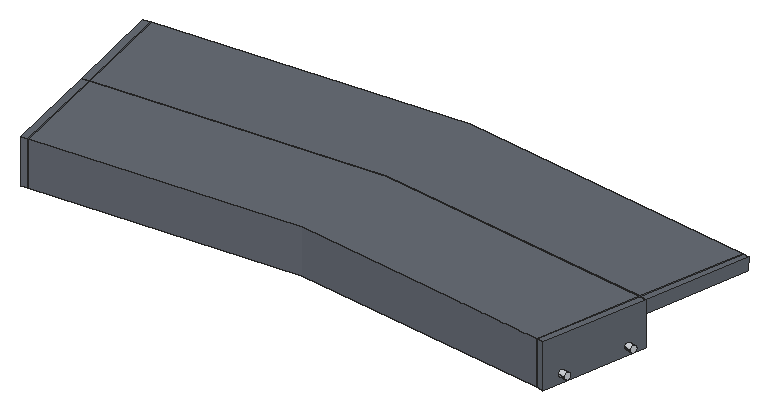
Revit family
Parameters (values of type "PL07 07 7/0")
  Width = 337.2 mm
  URL = "http://www.meinertz.com/pictures_org/prodk.pdf"
  Thermal Performance Index = 7
  Thermal Performance Constant = if(Thermal Performance Index = 3, 145, if(Thermal Performance Index = 4, 191, if(Thermal Performance Index = 5, 231, if(Thermal Performance Index = 6, 262, if(Thermal Performance Index = 7, 287, if(Thermal Performance Index = 8, 317, if(Thermal Performance Index = 9, 339, if(Thermal Performance Index = 10, 359, if(Thermal Performance Index = 11, 382, if(Thermal Performance Index = 12, 404, if(Thermal Performance Index = 13, 424, 444)))))))))))  # 287
  Thermal Performance = Thermal Performance Constant * Length / 1000 mm  # 288.7631
  Tapping Depth = if(Tap Radius = 9.5 mm / 2, 13 mm, 17 mm)  # 13 mm
  Tap Radius = 9.5 mm / 2  # 4.75 mm
  Right Tap Visible = Count Grill Main > 3  # yes
  R = ((K ^ 2) / (8 * H) + (H / 2))  # 2525 mm
  Outer Side Width = Width - Convector Width  # 169.2 mm
  Not Flip Convector Side = not(Flip Convector Side)  # no
  Model = "PL07 07 7/0"
  Manufacturer = "Meinertz"  # constant formula
  Length = 2 * 3.14 * R * Alpha / Full Circle  # 1006.143 mm
  Keynote = "PL07 07 7/0"
  K = 1000 mm
  Inner Rad = R - Actual Width  # 2176 mm
  H = 50 mm
  Grill = RAL 7024
  GoGetNo = 6946  # constant formula
  Full Circle = 360.00°  # constant formula
  Frame = RAL 7024
  Flip Convector Side = yes
  Disable Tap = and(Right Tap Visible, not(Flip Convector Side))  # no
  Disable Tap 2 = and(Right Tap Visible, (Flip Convector Side))  # yes
  Depth Outer = if(Flip Convector Side, 20 mm, 70 mm)  # 20 mm
  Depth Inside = if(Flip Convector Side, 70 mm, 20 mm)  # 70 mm
  Count Grill Total = (Width - 13 mm) / 24 mm + 0.49  # 14
  Count Grill Side = Count Grill Total - Count Grill Main  # 7
  Count Grill Main = Convector Width / 24 mm  # 7
  Convector Width = 168 mm
  Center Rad = Inner Rad + Actual Width 1  # 2344 mm
  Alpha = 2 * acos((R - H) / R)  # 22.8424°
  Actual Width 2 = if(Flip Convector Side, (Count Grill Side) * 24 mm + 13 mm, Count Grill Main * 24 mm)  # 181 mm
  Actual Width 1 = if(Flip Convector Side, Count Grill Main * 24 mm, (Count Grill Side) * 24 mm + 13 mm)  # 168 mm
  Actual Width = Actual Width 1 + Actual Width 2  # 349 mm
Types (6, lengths in mm): name | Width | Thermal Performance Index | Thermal Performance Constant | Thermal Performance | Right Tap Visible | Outer Side Width | Not Flip Convector Side | Model | Keynote | Inner Rad | Flip Convector Side | Disable Tap | Disable Tap 2 | Depth Outer | Depth Inside | Count Grill Total | Count Grill Side | Count Grill Main | Convector Width | Center Rad | Actual Width 2 | Actual Width 1 | Actual Width
  (no name) | 337.2 | 7 | 287 | 288.7631 | yes | 169.2 | no | "PL07 07 7/0" | "PL07 07 7/0" | 2176 | yes | no | yes | 20 | 70 | 14 | 7 | 7 | 168 | 2344 | 181 | 168 | 349
  PL07 07 7/0 | 337.2 | 7 | 287 | 288.7631 | yes | 169.2 | no | "PL07 07 7/0" | "PL07 07 7/0" | 2176 | yes | no | yes | 20 | 70 | 14 | 7 | 7 | 168 | 2344 | 181 | 168 | 349
  PL07 06 6/0 | 289.2 | 6 | 262 | 263.6095 | yes | 145.2 | yes | "PL07 06 6/0" | "PL07 06 6/0" | 2224 | no | yes | no | 70 | 20 | 12 | 6 | 6 | 144 | 2381 | 144 | 157 | 301
  PL07 05 5/0 | 241.2 | 5 | 231 | 232.419 | yes | 121.2 | yes | "PL07 05 5/0" | "PL07 05 5/0" | 2272 | no | yes | no | 70 | 20 | 10 | 5 | 5 | 120 | 2405 | 120 | 133 | 253
  PL07 04 5/0 | 217.2 | 4 | 191 | 192.1733 | yes | 121.2 | yes | "PL07 04 5/0" | "PL07 04 5/0" | 2296 | no | yes | no | 70 | 20 | 9 | 5 | 4 | 96 | 2429 | 96 | 133 | 229
  PL07 03 5/0 | 193.2 | 3 | 145 | 145.8907 | no | 121.2 | yes | "PL07 03 5/0" | "PL07 03 5/0" | 2320 | no | no | no | 70 | 20 | 8 | 5 | 3 | 72 | 2453 | 72 | 133 | 205
Reference planes
  plane 1 "Center (Front/Back)": y = 0
  plane 2: z = 0
  plane 3 "Center (Left/Right)": x = 0
  plane 4: y = -2475
  plane 5: y = 50
  plane 6: x = -500
  plane 7: x = 500
  plane 8: z = -20
  plane 9: z = -70
Forms (mm)
  Extrusion 1, solid, material "RAL 7024" <- "Grill"
    sketch origin (0, 0, 0) x (1, 0, 0) y (0, 1, 0)
      loop
        line (-473.878, -8.102) -> (-440.609, -172.784)
        arc (-440.609, -172.784) -> (0, -131) -> (440.609, -172.784) r 2344
        line (440.609, -172.784) -> (473.878, -8.102)
        arc (473.878, -8.102) -> (0, 37) -> (-473.878, -8.102) r 2512
    from 0 to -20
  Extrusion 2, solid, material "RAL 7024" <- "Grill"
    sketch origin (0, 0, 0) x (1, 0, 0) y (0, 1, 0)
      loop
        line (-440.609, -172.784) -> (-407.34, -337.466)
        arc (-407.34, -337.466) -> (0, -299) -> (407.34, -337.466) r 2176
        line (407.34, -337.466) -> (440.609, -172.784)
        arc (440.609, -172.784) -> (0, -131) -> (-440.609, -172.784) r 2344
    from 0 to -70
  Extrusion 3, solid, material "RAL 7024" <- "Frame"
    sketch origin (0, 0, 0) x (1, 0, 0) y (0, 1, 0)
      loop
        line (-484.677, -10.201) -> (-451.409, -174.877)
        arc (-451.409, -174.877) -> (-446.01, -173.824) -> (-440.609, -172.784) r 2344
        line (-440.609, -172.784) -> (-473.878, -8.102)
        arc (-473.878, -8.102) -> (-479.279, -9.146) -> (-484.677, -10.201) r 2512
      loop
        arc (484.677, -10.201) -> (479.279, -9.146) -> (473.878, -8.102) r 2512
        line (473.878, -8.102) -> (440.609, -172.784)
        arc (440.609, -172.784) -> (446.01, -173.824) -> (451.409, -174.877) r 2344
        line (451.409, -174.877) -> (484.677, -10.201)
    from 0 to -20
  Extrusion 4, solid, material "RAL 7024" <- "Frame"
    sketch origin (0, 0, 0) x (1, 0, 0) y (0, 1, 0)
      loop
        arc (451.409, -174.877) -> (446.01, -173.824) -> (440.609, -172.784) r 2344
        line (440.609, -172.784) -> (407.34, -337.466)
        arc (407.34, -337.466) -> (412.742, -338.503) -> (418.141, -339.553) r 2176
        line (418.141, -339.553) -> (451.409, -174.877)
      loop
        line (-451.409, -174.877) -> (-418.141, -339.553)
        arc (-418.141, -339.553) -> (-412.742, -338.503) -> (-407.34, -337.466) r 2176
        line (-407.34, -337.466) -> (-440.609, -172.784)
        arc (-440.609, -172.784) -> (-446.01, -173.824) -> (-451.409, -174.877) r 2344
    from 0 to -70
  Extrusion 5, solid, visible <- "Flip Convector Side"
    sketch origin (-451.409, -174.877, -50) x (0.19802, -0.980198, 0) y (0, 0, 1)
      loop
        circle (138.003, -5) r 4.75
    from 0 to 13 <- "Tapping Depth"
  Extrusion 6, solid, visible <- "Disable Tap 2"
    sketch origin (-451.409, -174.877, -50) x (0.19802, -0.980198, 0) y (0, 0, 1)
      loop
        circle (30, -5) r 4.75
    from 0 to 13
  Extrusion 7, solid, visible <- "Disable Tap"
    sketch origin (-484.677, -10.201, 50) x (0.19802, -0.980198, 0) y (0, 0, 1)
      loop
        circle (138.002, -105) r 4.75
    from 0 to 13 <- "Tapping Depth"
  Extrusion 8, solid, visible <- "Not Flip Convector Side"
    sketch origin (-484.677, -10.201, 50) x (0.19802, -0.980198, 0) y (0, 0, 1)
      loop
        circle (30, -105) r 4.75
    from 0 to 13 <- "Tapping Depth"
  Extrusion 9, solid, visible <- "Flip Convector Side"
    sketch origin (451.409, -174.877, -50) x (-0.19802, -0.980198, 0) y (0, 0, -1)
      loop
        circle (138.003, 5) r 4.75
    from 0 to 13 <- "Tapping Depth"
  Extrusion 10, solid, visible <- "Disable Tap 2"
    sketch origin (451.409, -174.877, -50) x (-0.19802, -0.980198, 0) y (0, 0, -1)
      loop
        circle (30, 5) r 4.75
    from 0 to 13 <- "Tapping Depth"
  Extrusion 11, solid, visible <- "Disable Tap"
    sketch origin (484.677, -10.201, 50) x (-0.19802, -0.980198, 0) y (0, 0, -1)
      loop
        circle (138.002, 105) r 4.75
    from 0 to 13 <- "Tapping Depth"
  Extrusion 12, solid, visible <- "Not Flip Convector Side"
    sketch origin (484.677, -10.201, 50) x (-0.19802, -0.980198, 0) y (0, 0, -1)
      loop
        circle (30, 105) r 4.75
    from 0 to 13 <- "Tapping Depth"
Lines and regions (mm)
  reference lines
    curve 1: arc (-500, 0, 0) -> (0, 50, 0) -> (500, 0, 0) r 2525
    curve 2: arc (-497.426, -12.743, 0) -> (0, 37, 0) -> (497.426, -12.743, 0) r 2512
    curve 3: arc (-495.248, -23.525, 0) -> (0, 26, 0) -> (495.248, -23.525, 0) r 2501
    curve 4: arc (-464.158, -177.416, 0) -> (0, -131, 0) -> (464.158, -177.416, 0) r 2344
    curve 5: arc (-433.069, -331.307, 0) -> (0, -288, 0) -> (433.069, -331.307, 0) r 2187
    curve 6: arc (-428.317, -354.832, 0) -> (0, -312, 0) -> (428.317, -354.832, 0) r 2163
    curve 7: arc (-430.891, -342.089, 0) -> (0, -299, 0) -> (430.891, -342.089, 0) r 2176
    curve 8: line (-500, 0, 0) -> (0, -2475, 0)
    curve 9: line (500, 0, 0) -> (0, -2475, 0)
    curve 10: line (-487.251, 2.541, 0) -> (42.452, -2619.488, 0)
    curve 11: line (487.251, 2.541, 0) -> (-41.462, -2614.587, 0)
    curve 12: line (-476.453, 4.641, 0) -> (0, -2353.8, 0)
    curve 13: line (476.453, 4.641, 0) -> (0, -2353.8, 0)
Dimensions and locks
  "H": plane 5 to plane 1 "Center (Front/Back)"
  "K": plane 6 to plane 7
  equal spacing: plane 6, plane 3 "Center (Left/Right)", plane 7
  locked: curve 5 to curve 6 at 24  (x2)
  locked: curve 6 to curve 7 at 13  (x2)
  "R": plane 5 to plane 4
  locked: curve 8 to curve 10 at 13
  locked: curve 11 to curve 9 at 13
  locked: curve 8 to curve 12 at 24
  locked: curve 13 to curve 9 at 24
  "Depth Outer": plane 2 to plane 8
  "Depth Inside": plane 2 to plane 9
  locked: plane 2 to Extrusion 8 sketch curve at 55
  locked: plane 2 to Extrusion 7 sketch curve at 55
  locked: plane 2 to Extrusion 6 sketch curve at 55
  locked: plane 2 to Extrusion 5 sketch curve at 55
  locked: plane 2 to Extrusion 12 sketch curve at 55
  locked: plane 2 to Extrusion 11 sketch curve at 55
  locked: plane 2 to Extrusion 10 sketch curve at 55
  locked: plane 2 to Extrusion 9 sketch curve at 55
  locked: curve 8 to curve 2 at 13
  locked: curve 8 to curve 3 at 24
  locked: curve 9 to curve 2 at 13
  locked: curve 9 to curve 3 at 24
  "R": radius of curve 1
  "Center Rad": radius of curve 4
  "Inner Rad": radius of curve 7
  "Tap Radius": radius of Extrusion 8 sketch curve
  "Tap Radius": radius of Extrusion 7 sketch curve
  "Tap Radius": radius of Extrusion 6 sketch curve
  "Tap Radius": radius of Extrusion 5 sketch curve
  "Tap Radius": radius of Extrusion 12 sketch curve
  "Tap Radius": radius of Extrusion 11 sketch curve
  "Tap Radius": radius of Extrusion 10 sketch curve
  "Tap Radius": radius of Extrusion 9 sketch curve
  aligned and locked: level to plane 2
  aligned and locked: plane 1 "Center (Front/Back)" to curve 1  (x2)
  aligned and locked: plane 4 to curve 8
  aligned and locked: Extrusion 1 sketch curve to curve 2
  aligned and locked: curve 12 to Extrusion 1 sketch curve
  aligned and locked: Extrusion 1 sketch curve to curve 4
  aligned and locked: curve 13 to Extrusion 1 sketch curve
  aligned and locked: Extrusion 2 sketch curve to curve 4
  aligned and locked: curve 12 to Extrusion 2 sketch curve
  aligned and locked: Extrusion 2 sketch curve to curve 7
  aligned and locked: curve 13 to Extrusion 2 sketch curve
  aligned and locked: Extrusion 3 sketch curve to curve 2  (x2)
  aligned and locked: curve 12 to Extrusion 3 sketch curve
  aligned and locked: curve 10 to Extrusion 3 sketch curve
  aligned and locked: Extrusion 3 sketch curve to curve 4  (x2)
  aligned and locked: curve 13 to Extrusion 3 sketch curve
  aligned and locked: curve 11 to Extrusion 3 sketch curve
  aligned and locked: curve 11 to Extrusion 4 sketch curve
  aligned and locked: Extrusion 4 sketch curve to curve 4
  aligned and locked: curve 10 to Extrusion 4 sketch curve
  aligned and locked: curve 12 to Extrusion 4 sketch curve
  aligned and locked: plane 8 to Extrusion 1
  aligned and locked: plane 9 to Extrusion 2
  aligned and locked: Extrusion 4 sketch curve to Extrusion 2  (x4)
  aligned and locked: Extrusion 3 to plane 8
  aligned and locked: Extrusion 4 to plane 9
Automatic sketch dimensions
  curve 1 to curve 2 = 0 mm
  curve 1 to curve 3 = 0 mm
  curve 1 to curve 4 = 0 mm  (x2)
  curve 1 to curve 5 = 0 mm  (x2)
  curve 3 to curve 6 = 0 mm
  curve 1 to plane 6 = 0 mm
  curve 3 to plane 3 "Center (Left/Right)" = 0 mm
  curve 13 to plane 3 "Center (Left/Right)" = 0 mm
  curve 11 to plane 3 "Center (Left/Right)" = 41.462 mm
  plane 3 "Center (Left/Right)" to curve 10 = 42.452 mm
  curve 1 to curve 7 = 0 mm
  Extrusion 4 to Extrusion 5 sketch curve = 30 mm
  Extrusion 4 to Extrusion 6 sketch curve = 30 mm
  Extrusion 7 sketch curve to Extrusion 3 = 30 mm
  Extrusion 3 to Extrusion 8 sketch curve = 30 mm
  Extrusion 9 sketch curve to Extrusion 4 = 30 mm
  Extrusion 10 sketch curve to Extrusion 4 = 30 mm
  Extrusion 3 to Extrusion 11 sketch curve = 30 mm
  Extrusion 12 sketch curve to Extrusion 3 = 30 mm
  Extrusion 4 sketch curve to Extrusion 4 sketch curve = 10.801 mm
  Extrusion 4 sketch curve to Extrusion 4 sketch curve = 10.799 mm
Connectors
  piping at (-491.478, -42.181, -55)
    settings: on Extrusion 8, index 1, connector radius 4.8 mm, flow factor 0, pipe flow 0.0 L/s, pressure drop 0.0 Pa, fitting loss kfactor 0, connector angle 0.00°, fixture units 0, flow configuration 1, flow direction 1, fitting loss method 0, system type 22, connector reference index -1, connector utility 0, adjustable connector no, is connector primary yes, fitting loss table "", connector description ""
  piping at (-470.092, -148.045, -55)
    settings: on Extrusion 7, index 2, connector radius 4.8 mm, flow factor 0, pipe flow 0.0 L/s, pressure drop 0.0 Pa, fitting loss kfactor 0, connector angle 0.00°, fixture units 0, flow configuration 1, flow direction 2, fitting loss method 0, system type 22, connector reference index -1, connector utility 0, adjustable connector no, is connector primary no, fitting loss table "", connector description ""
  piping at (-458.211, -206.857, -55)
    settings: on Extrusion 6, index 3, connector radius 4.8 mm, flow factor 0, pipe flow 0.0 L/s, pressure drop 0.0 Pa, fitting loss kfactor 0, connector angle 0.00°, fixture units 0, flow configuration 1, flow direction 1, fitting loss method 0, system type 22, connector reference index -1, connector utility 0, adjustable connector no, is connector primary no, fitting loss table "", connector description ""
  piping at (-436.824, -312.721, -55)
    settings: on Extrusion 5, index 4, connector radius 4.8 mm, flow factor 0, pipe flow 0.0 L/s, pressure drop 0.0 Pa, fitting loss kfactor 0, connector angle 0.00°, fixture units 0, flow configuration 1, flow direction 2, fitting loss method 0, system type 22, connector reference index -1, connector utility 0, adjustable connector no, is connector primary no, fitting loss table "", connector description ""
  piping at (436.824, -312.721, -55)
    settings: on Extrusion 9, index 5, connector radius 4.8 mm, flow factor 0, pipe flow 0.0 L/s, pressure drop 0.0 Pa, fitting loss kfactor 0, connector angle 0.00°, fixture units 0, flow configuration 1, flow direction 1, fitting loss method 0, system type 22, connector reference index -1, connector utility 0, adjustable connector no, is connector primary no, fitting loss table "", connector description ""
  piping at (458.211, -206.857, -55)
    settings: on Extrusion 10, index 6, connector radius 4.8 mm, flow factor 0, pipe flow 0.0 L/s, pressure drop 0.0 Pa, fitting loss kfactor 0, connector angle 0.00°, fixture units 0, flow configuration 1, flow direction 2, fitting loss method 0, system type 22, connector reference index -1, connector utility 0, adjustable connector no, is connector primary no, fitting loss table "", connector description ""
  piping at (470.092, -148.045, -55)
    settings: on Extrusion 11, index 7, connector radius 4.8 mm, flow factor 0, pipe flow 0.0 L/s, pressure drop 0.0 Pa, fitting loss kfactor 0, connector angle 0.00°, fixture units 0, flow configuration 1, flow direction 1, fitting loss method 0, system type 22, connector reference index -1, connector utility 0, adjustable connector no, is connector primary no, fitting loss table "", connector description ""
  piping at (491.478, -42.181, -55)
    settings: on Extrusion 12, index 8, connector radius 4.8 mm, flow factor 0, pipe flow 0.0 L/s, pressure drop 0.0 Pa, fitting loss kfactor 0, connector angle 0.00°, fixture units 0, flow configuration 1, flow direction 2, fitting loss method 0, system type 22, connector reference index -1, connector utility 0, adjustable connector no, is connector primary no, fitting loss table "", connector description ""
